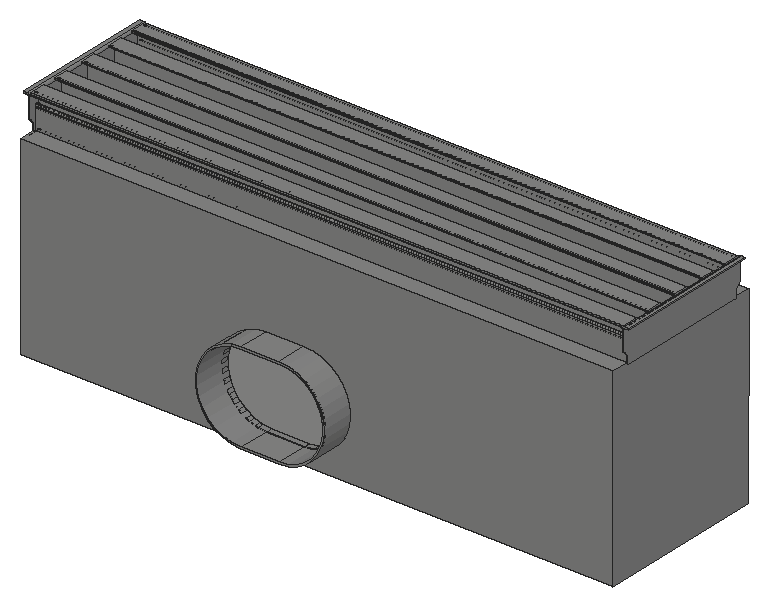
Revit family "Diffuser-Carnes-T_Bar_Mount-4-Slot-DTDA", category Duct Accessories, host Face, Revit 2014
Parameters (values of type "See Type Catalog")
  Type Comments = ""
  Supply Connector = yes
  Supply Connection = "Diffuser Supply Connector"  # constant formula
  Subcatagory = "Air Distribution"  # constant formula
  Specification Sheet = "http://www.carnes.com/AirDistribution/pdf/13100.pdf"
  Revit Object Download Link = "http://library.smartbim.com/download/Diffuser-Carnes-T_Bar_Mount-4-Slot-DTDA"
  Product Page URL = "http://www.carnes.com/AirDistribution/dtda.phtml"
  Length = 24"
  Inlet Nominal Size Width = 5"
  Inlet Nominal Size Height D = if(Inlet Nominal Size Width > 6", 5 1/4", 3 1/2")  # 3 1/2"
  Height = 9 1/16"  # constant formula
  Flow = 0 CFM
  Description = "Extruded Aluminum 4 Slot Diffuser T-Bar Mount"  # constant formula
  Profile Depth = 5.75918"
  URL = "http://www.carnes.com/"
  Model = "DTDA"  # constant formula
  Unit = Metal - Carnes - Steel Galvanized
  Manufacturer = "CARNES COMPANY"  # constant formula
  Depth = 2 3/4"
  Default Elevation = 0"
  D Depth = 6 11/16"
  Catalog = "http://www.carnes.com/AirDistribution/pdf/a462-465.pdf"
  Box Length = Length - 1/2"  # 23 1/2"
  B Radius = Inlet Width + 3"  # 9 1/2"
  Inlet Width = 6 1/2"
  Assembly Code = ""
  Inlet Offset = 10 1/2"
  95 CSI = ""
  04 CSI = ""
Reference planes (in)
  plane 1 "Center (Front/Back)": y = 0
  plane 2: z = 0
  plane 3 "Center (Left/Right)": x = 0.94
  plane 4: z = -1.25
  plane 5: y = 2.87959
  plane 6: y = -2.87959
  plane 7: z = 1.44451
  plane 8: x = -11.06
  plane 9: x = 12.94
  plane 10: z = -8.05549
  plane 11: z = -9.0625
Forms (in)
  Extrusion 1, void
    sketch origin (0.94, 0, 0) x (0, 1, 0) y (0, 0, 1)
      loop
        line (-2.87959, 1.44451) -> (-2.87959, -8.05549) -> (2.87959, -8.05549) -> (2.87959, 1.44451) -> (-2.87959, 1.44451)
    from -12 to 12
Dimensions and locks (in)
  locked: plane 2 to plane 4 at 1.25
  equal spacing: plane 6, plane 1 "Center (Front/Back)", plane 5
  "Profile Depth": plane 6 to plane 5
  locked: plane 7 to host face at 1.44451
  equal spacing: plane 8, plane 3 "Center (Left/Right)", plane 9
  "Length": plane 8 to plane 9
  plane 2 to plane 10 = 8.05549"
  "Height": plane 2 to plane 11
  equal spacing: host sketch curve, plane 1 "Center (Front/Back)", host sketch curve
  equal spacing: host sketch curve, plane 3 "Center (Left/Right)", host sketch curve
  aligned and locked: plane 2 to host face
  aligned and locked: level to host face
  aligned and locked: Extrusion 1 to plane 7
  aligned and locked: Extrusion 1 to plane 10
  aligned and locked: plane 9 to Extrusion 1
  aligned and locked: plane 8 to Extrusion 1
  aligned and locked: Extrusion 1 sketch curve to nested 1  (x2)
  aligned and locked: nested 2 to plane 3 "Center (Left/Right)"
  aligned and locked: plane 1 "Center (Front/Back)" to nested 2
  aligned and locked: plane 1 "Center (Front/Back)" to nested 1
  aligned and locked: nested 1 to plane 3 "Center (Left/Right)"
Automatic sketch dimensions
  Extrusion 1 sketch curve to plane 10 = 0"
  plane 7 to Extrusion 1 sketch curve = 0"
Nested families (in)
  nested 1: "602-1031" at (1.84432, 0, 0.04219) x (-1, 0, 0) z (0, 0, -1), type "Slot 4"
  nested 2: "CXPC" at (1.88, 0, 0.05188) x (-1, 0, 0) z (0, 0, -1), type "Parametric"
Connectors (in)
  hvac at (-0.31, -4.59375, -6.58911), driven by "Inlet Nominal Size Height D", driven by "Inlet Nominal Size Width", driven by "Supply Connector", driven by "Supply Connection"
    settings: on nested 2, index 1, duct flow 0 CFM, flow factor 0, pres drop 0.00 in-wg, loss coef 0, conn angle 0.00°, conn width 5", conn height 3 1/2", conn diameter 24", duct sys type 1, conn prof type 2, flow config 1, flow direction 1, loss method 0, conn ref index -1, conn util yes, is conn primary yes, conn desc "Diffuser Supply Connector"
Definition of nested family "602-1031"
  Parameters (values of type "Slot 4")
    Supply Connector = yes
    Supply Connection = ""
    Subcatagory = ""
    Specification Sheet = ""
    Product Page URL = ""
    Length = 24"
    URL = ""
    Model = "602-1091"  # constant formula
    Unit = Metal - Carnes - Steel Galvanized
    Manufacturer = ""
    Height = 1.44451"
    Flow = 0 CFM
    Description = ""
    Depth = 5.75918"
    Default Elevation = 0"
    Catalog = ""
    Assembly Code = ""
    95 CSI = ""
    04 CSI = ""
  Reference planes (in)
    plane 1 "Center (Front/Back)": y = 0
    plane 2: z = 0
    plane 3 "Center (Left/Right)": x = 0.90432
    plane 4: y = 2.87959
    plane 5: y = -2.87959
    plane 6: x = 12.90432
    plane 7: x = -11.09568
    plane 8: z = 1.44451
  Forms (in)
    Extrusion 1, solid
      sketch origin (0, 0, 0) x (1, 0, 0) y (0, 1, 0)
        loop
          line (-15.06379, 7) -> (-15.06379, -7) -> (16.87243, -7) -> (16.87243, 7) -> (-15.06379, 7)
      from 0 to -1
  Dimensions and locks (in)
    equal spacing: plane 5, plane 1 "Center (Front/Back)", plane 4
    "Depth": plane 5 to plane 4
    equal spacing: plane 6, plane 3 "Center (Left/Right)", plane 7
    "Length": plane 6 to plane 7
    "Height": plane 8 to Extrusion 1
    equal spacing: Extrusion 1 sketch curve, plane 1 "Center (Front/Back)", Extrusion 1 sketch curve
    equal spacing: Extrusion 1 sketch curve, plane 3 "Center (Left/Right)", Extrusion 1 sketch curve
    aligned and locked: plane 2 to Extrusion 1
    aligned and locked: level to Extrusion 1
  Nested families (in)
    nested 1: "Slot-4" at (-0.03568, 0, 0), type "Slot 4"
  Definition of nested family "Slot-4"
    Parameters (values of type "Slot 4")
      Length = 24"
      URL = ""
      Model = "DARD"  # constant formula
      Unit = Metal - Carnes - Steel Galvanized
      Manufacturer = ""
      Height = 1.44451"
      Depth = 5.75918"
      Default Elevation = 0"
      Assembly Code = ""
      95 CSI = ""
      04 CSI = ""
    Reference planes (in)
      plane 1 "Center (Front/Back)": y = 0
      plane 2: z = 0
      plane 3 "Center (Left/Right)": x = 0.94
      plane 4: z = -18
      plane 5: x = -11.06
      plane 6: x = 12.94
      plane 7: y = -2.87959
      plane 8: y = 2.87959
      plane 9: x = 12.69
      plane 10: x = -10.81
      plane 11: z = 1.44451
    Forms (in)
      Extrusion 1, solid
        sketch origin (0, -5, 0) x (1, 0, 0) y (0, 1, 0)
          loop
            line (-11.06, 7.87959) -> (-11.06, 2.12041) -> (12.94, 2.12041) -> (12.94, 7.87959) -> (-11.06, 7.87959)
        from 0 to -1
      Sweep 2, solid, material "Metal - Carnes - Steel Galvanized" <- "Unit"
        path origin (0, 0, 0.00391) x (1, 0, 0) y (0, 0, -1)
          loop
            line (-10.81, -1.43963) -> (12.69, -1.43963)
        profile origin (0.94, 0, 1.44353) x (0, 0, -1) y (0, 1, 0)
          loop
            arc (1.38825, 2.62274) -> (1.38229, 2.60836) -> (1.36791, 2.6024) r 0.02035
            line (1.36791, 2.6024) -> (1.32421, 2.6024) -> (1.32421, 2.55253) -> (1.38825, 2.55253) -> (1.38825, 2.48509) -> (0.83999, 2.48509) -> (0.83999, 2.55253) -> (0.9022, 2.55253) -> (0.9022, 2.58387)
            arc (0.9022, 2.58387) -> (0.89632, 2.59808) -> (0.8821, 2.60397) r 0.0201
            line (0.8821, 2.60397) -> (0.81064, 2.60397)
            arc (0.81064, 2.60397) -> (0.79608, 2.59794) -> (0.79005, 2.58338) r 0.02059
            line (0.79005, 2.58338) -> (0.79005, 2.50819)
            arc (0.79005, 2.50819) -> (0.78333, 2.492) -> (0.76711, 2.48533) r 0.02287
            line (0.76711, 2.48533) -> (0.02924, 2.48533)
            arc (0.02924, 2.48533) -> (0.00787, 2.47648) -> (-0.00098, 2.45511) r 0.03021
            line (-0.00098, 2.45511) -> (-0.00098, 2.3335)
            arc (-0.00098, 2.3335) -> (0.00484, 2.31945) -> (0.01889, 2.31363) r 0.01987
            line (0.01889, 2.31363) -> (0.11927, 2.31363)
            arc (0.11927, 2.31363) -> (0.1337, 2.31961) -> (0.13967, 2.33404) r 0.02041
            line (0.13967, 2.33404) -> (0.13967, 2.38919) -> (0.07783, 2.38919) -> (0.07783, 2.43343) -> (1.35582, 2.43343) -> (1.35582, 2.38528) -> (1.29367, 2.38528) -> (1.29367, 2.3297)
            arc (1.29367, 2.3297) -> (1.29956, 2.31546) -> (1.3138, 2.30957) r 0.02014
            line (1.3138, 2.30957) -> (1.36297, 2.30957)
            arc (1.36297, 2.30957) -> (1.37859, 2.30309) -> (1.38506, 2.28747) r 0.02209
            line (1.38506, 2.28747) -> (1.38506, 2.19896)
            arc (1.38506, 2.19896) -> (1.39145, 2.18354) -> (1.40687, 2.17715) r 0.02181
            line (1.40687, 2.17715) -> (1.44141, 2.17715) -> (1.44141, 2.83059) -> (1.35881, 2.83085)
            arc (1.35881, 2.83085) -> (1.33865, 2.80126) -> (1.36762, 2.78021) r 0.02571
            arc (1.36762, 2.78021) -> (1.38202, 2.77597) -> (1.38825, 2.76231) r 0.01808
            line (1.38825, 2.76231) -> (1.38825, 2.62274)
          loop
            line (0.01889, 1.15738) -> (0.11927, 1.15738)
            arc (0.11927, 1.15738) -> (0.1337, 1.16336) -> (0.13967, 1.17779) r 0.02041
            line (0.13967, 1.17779) -> (0.13967, 1.23294) -> (0.07783, 1.23294) -> (0.07783, 1.27718) -> (1.35582, 1.27718) -> (1.35582, 1.22903) -> (1.29367, 1.22903) -> (1.29367, 1.17345)
            arc (1.29367, 1.17345) -> (1.29956, 1.15921) -> (1.3138, 1.15332) r 0.02014
            line (1.3138, 1.15332) -> (1.36297, 1.15332)
            arc (1.36297, 1.15332) -> (1.37859, 1.14684) -> (1.38506, 1.13122) r 0.02209
            line (1.38506, 1.13122) -> (1.38506, 1.04271)
            arc (1.38506, 1.04271) -> (1.39145, 1.02729) -> (1.40687, 1.0209) r 0.02181
            line (1.40687, 1.0209) -> (1.44141, 1.0209) -> (1.44141, 1.61735) -> (1.40687, 1.61735)
            arc (1.40687, 1.61735) -> (1.39145, 1.61097) -> (1.38506, 1.59554) r 0.02181
            line (1.38506, 1.59554) -> (1.38506, 1.50703)
            arc (1.38506, 1.50703) -> (1.37859, 1.49141) -> (1.36297, 1.48494) r 0.02209
            line (1.36297, 1.48494) -> (1.3138, 1.48494)
            arc (1.3138, 1.48494) -> (1.29956, 1.47904) -> (1.29367, 1.4648) r 0.02014
            line (1.29367, 1.4648) -> (1.29367, 1.40923) -> (1.35582, 1.40923) -> (1.35582, 1.35696) -> (0.07783, 1.35696) -> (0.07783, 1.40532) -> (0.13967, 1.40532) -> (0.13967, 1.46047)
            arc (0.13967, 1.46047) -> (0.1337, 1.4749) -> (0.11927, 1.48087) r 0.02041
            line (0.11927, 1.48087) -> (0.01889, 1.48087)
            arc (0.01889, 1.48087) -> (0.00484, 1.47506) -> (-0.00098, 1.46101) r 0.01987
            line (-0.00098, 1.46101) -> (-0.00098, 1.17725)
            arc (-0.00098, 1.17725) -> (0.00484, 1.1632) -> (0.01889, 1.15738) r 0.01987
          loop
            arc (0.01889, -1.15738) -> (0.00484, -1.1632) -> (-0.00098, -1.17725) r 0.01987
            line (-0.00098, -1.17725) -> (-0.00098, -1.46101)
            arc (-0.00098, -1.46101) -> (0.00484, -1.47506) -> (0.01889, -1.48087) r 0.01987
            line (0.01889, -1.48087) -> (0.11927, -1.48087)
            arc (0.11927, -1.48087) -> (0.1337, -1.4749) -> (0.13967, -1.46047) r 0.02041
            line (0.13967, -1.46047) -> (0.13967, -1.40532) -> (0.07783, -1.40532) -> (0.07783, -1.36108) -> (1.35582, -1.36108) -> (1.35582, -1.40923) -> (1.29367, -1.40923) -> (1.29367, -1.4648)
            arc (1.29367, -1.4648) -> (1.29956, -1.47904) -> (1.3138, -1.48494) r 0.02014
            line (1.3138, -1.48494) -> (1.36297, -1.48494)
            arc (1.36297, -1.48494) -> (1.37859, -1.49141) -> (1.38506, -1.50703) r 0.02209
            line (1.38506, -1.50703) -> (1.38506, -1.59554)
            arc (1.38506, -1.59554) -> (1.39145, -1.61097) -> (1.40687, -1.61735) r 0.02181
            line (1.40687, -1.61735) -> (1.44141, -1.61735) -> (1.44141, -1.0209) -> (1.40687, -1.0209)
            arc (1.40687, -1.0209) -> (1.39145, -1.02729) -> (1.38506, -1.04271) r 0.02181
            line (1.38506, -1.04271) -> (1.38506, -1.13122)
            arc (1.38506, -1.13122) -> (1.37859, -1.14684) -> (1.36297, -1.15332) r 0.02209
            line (1.36297, -1.15332) -> (1.3138, -1.15332)
            arc (1.3138, -1.15332) -> (1.29956, -1.15921) -> (1.29367, -1.17345) r 0.02014
            line (1.29367, -1.17345) -> (1.29367, -1.22903) -> (1.35582, -1.22903) -> (1.35582, -1.2813) -> (0.07783, -1.2813) -> (0.07783, -1.23294) -> (0.13967, -1.23294) -> (0.13967, -1.17779)
            arc (0.13967, -1.17779) -> (0.1337, -1.16336) -> (0.11927, -1.15738) r 0.02041
            line (0.11927, -1.15738) -> (0.01889, -1.15738)
          loop
            arc (0.01889, 0.1738) -> (0.00484, 0.16798) -> (-0.00098, 0.15393) r 0.01987
            line (-0.00098, 0.15393) -> (-0.00098, -0.12983)
            arc (-0.00098, -0.12983) -> (0.00484, -0.14388) -> (0.01889, -0.14969) r 0.01987
            line (0.01889, -0.14969) -> (0.11927, -0.14969)
            arc (0.11927, -0.14969) -> (0.1337, -0.14372) -> (0.13967, -0.12929) r 0.02041
            line (0.13967, -0.12929) -> (0.13967, -0.07414) -> (0.07783, -0.07414) -> (0.07783, -0.0299) -> (1.35582, -0.0299) -> (1.35582, -0.07805) -> (1.29367, -0.07805) -> (1.29367, -0.13362)
            arc (1.29367, -0.13362) -> (1.29956, -0.14786) -> (1.3138, -0.15376) r 0.02014
            line (1.3138, -0.15376) -> (1.36297, -0.15376)
            arc (1.36297, -0.15376) -> (1.37859, -0.16023) -> (1.38506, -0.17586) r 0.02209
            line (1.38506, -0.17586) -> (1.38506, -0.26437)
            arc (1.38506, -0.26437) -> (1.39145, -0.27979) -> (1.40687, -0.28617) r 0.02181
            line (1.40687, -0.28617) -> (1.44141, -0.28617) -> (1.44141, 0.31028) -> (1.40687, 0.31028)
            arc (1.40687, 0.31028) -> (1.39145, 0.30389) -> (1.38506, 0.28847) r 0.02181
            line (1.38506, 0.28847) -> (1.38506, 0.19996)
            arc (1.38506, 0.19996) -> (1.37859, 0.18433) -> (1.36297, 0.17786) r 0.02209
            line (1.36297, 0.17786) -> (1.3138, 0.17786)
            arc (1.3138, 0.17786) -> (1.29956, 0.17197) -> (1.29367, 0.15773) r 0.02014
            line (1.29367, 0.15773) -> (1.29367, 0.10215) -> (1.35582, 0.10215) -> (1.35582, 0.04988) -> (0.07783, 0.04988) -> (0.07783, 0.09824) -> (0.13967, 0.09824) -> (0.13967, 0.15339)
            arc (0.13967, 0.15339) -> (0.1337, 0.16782) -> (0.11927, 0.1738) r 0.02041
            line (0.11927, 0.1738) -> (0.01889, 0.1738)
          loop
            line (1.38825, -2.62274) -> (1.38825, -2.76231)
            arc (1.38825, -2.76231) -> (1.38202, -2.77597) -> (1.36762, -2.78021) r 0.01808
            arc (1.36762, -2.78021) -> (1.33865, -2.80126) -> (1.35881, -2.83085) r 0.02571
            line (1.35881, -2.83085) -> (1.44141, -2.83059) -> (1.44141, -2.17715) -> (1.40687, -2.17715)
            arc (1.40687, -2.17715) -> (1.39145, -2.18354) -> (1.38506, -2.19896) r 0.02181
            line (1.38506, -2.19896) -> (1.38506, -2.28747)
            arc (1.38506, -2.28747) -> (1.37859, -2.30309) -> (1.36297, -2.30957) r 0.02209
            line (1.36297, -2.30957) -> (1.3138, -2.30957)
            arc (1.3138, -2.30957) -> (1.29956, -2.31546) -> (1.29367, -2.3297) r 0.02014
            line (1.29367, -2.3297) -> (1.29367, -2.38528) -> (1.35582, -2.38528) -> (1.35582, -2.43343) -> (0.07783, -2.43343) -> (0.07783, -2.38919) -> (0.13967, -2.38919) -> (0.13967, -2.33404)
            arc (0.13967, -2.33404) -> (0.1337, -2.31961) -> (0.11927, -2.31363) r 0.02041
            line (0.11927, -2.31363) -> (0.01889, -2.31363)
            arc (0.01889, -2.31363) -> (0.00484, -2.31945) -> (-0.00098, -2.3335) r 0.01987
            line (-0.00098, -2.3335) -> (-0.00098, -2.45511)
            arc (-0.00098, -2.45511) -> (0.00787, -2.47648) -> (0.02924, -2.48533) r 0.03021
            line (0.02924, -2.48533) -> (0.76711, -2.48533)
            arc (0.76711, -2.48533) -> (0.78333, -2.492) -> (0.79005, -2.50819) r 0.02287
            line (0.79005, -2.50819) -> (0.79005, -2.58338)
            arc (0.79005, -2.58338) -> (0.79608, -2.59794) -> (0.81064, -2.60397) r 0.02059
            line (0.81064, -2.60397) -> (0.8821, -2.60397)
            arc (0.8821, -2.60397) -> (0.89632, -2.59808) -> (0.9022, -2.58387) r 0.0201
            line (0.9022, -2.58387) -> (0.9022, -2.55253) -> (0.83999, -2.55253) -> (0.83999, -2.48509) -> (1.38825, -2.48509) -> (1.38825, -2.55253) -> (1.32421, -2.55253) -> (1.32421, -2.6024) -> (1.36791, -2.6024)
            arc (1.36791, -2.6024) -> (1.38229, -2.60836) -> (1.38825, -2.62274) r 0.02035
      Sweep 3, solid, material "Metal - Carnes - Steel Galvanized" <- "Unit"
        path origin (0.94, 0, 0) x (0, 1, 0) y (0, 0, 1)
          loop
            line (2.87959, 1.44451) -> (-2.87959, 1.44451)
        profile origin (0.94, 0, 1.44451) x (0, 0, -1) y (1, 0, 0)
          loop
            line (1.33877, -11.75) -> (0, -11.75) -> (0, -11.78983) -> (1.35617, -11.78983)
            arc (1.35617, -11.78983) -> (1.37691, -11.79842) -> (1.3855, -11.81916) r 0.02933
            line (1.3855, -11.81916) -> (1.3855, -12) -> (1.44238, -12) -> (1.44238, -11.85361)
            arc (1.44238, -11.85361) -> (1.41204, -11.78035) -> (1.33877, -11.75) r 0.10361
          loop
            arc (1.33877, 11.75) -> (1.41204, 11.78035) -> (1.44238, 11.85361) r 0.10361
            line (1.44238, 11.85361) -> (1.44238, 12) -> (1.3855, 12) -> (1.3855, 11.81916)
            arc (1.3855, 11.81916) -> (1.37691, 11.79842) -> (1.35617, 11.78983) r 0.02933
            line (1.35617, 11.78983) -> (0, 11.78983) -> (0, 11.75) -> (1.33877, 11.75)
      Extrusion 4, void
        sketch origin (0.94, 0, 0) x (0, 1, 0) y (0, 0, 1)
          loop
            line (2.68645, 1.40306) -> (2.68555, 1.12211)
            arc (2.68555, 1.12211) -> (2.68974, 1.10069) -> (2.7018, 1.08251) r 0.05593
            line (2.7018, 1.08251) -> (2.87959, 0.90357) -> (2.87959, 1.44451) -> (2.64514, 1.44451)
            arc (2.64514, 1.44451) -> (2.6744, 1.43236) -> (2.68645, 1.40306) r 0.04131
          loop
            arc (-2.68645, 1.40306) -> (-2.6744, 1.43236) -> (-2.64514, 1.44451) r 0.04131
            line (-2.64514, 1.44451) -> (-2.87959, 1.44451) -> (-2.87959, 0.90357) -> (-2.7018, 1.08251)
            arc (-2.7018, 1.08251) -> (-2.68974, 1.10069) -> (-2.68555, 1.12211) r 0.05593
            line (-2.68555, 1.12211) -> (-2.68645, 1.40306)
        from -12 to 12
    Cuts and joins
      Extrusion 4 cuts Sweep 3
    Lines and regions (in)
      Masking region 1
        outline origin (0, 0, 0) x (1, 0, 0) y (0, 1, 0)
          loop
            line (12.94, 2.87959) -> (-11.06, 2.87959) -> (-11.06, -2.87959) -> (12.94, -2.87959) -> (12.94, 2.87959)
      symbolic lines, style "Diffuser"
        curve 1: line (-10.84983, 2.83085, 0) -> (-10.84983, -2.83085, 0)
        curve 2: line (-10.81, 2.87959, 0) -> (-10.81, -2.83085, 0)
        curve 3: line (12.72983, 2.87959, 0) -> (12.72983, -2.83085, 0)
        curve 4: line (12.69, 2.83085, 0) -> (12.69, -2.87959, 0)
        curve 5: line (12.69, -2.17625, 0) -> (-10.81, -2.17625, 0)
        curve 6: line (12.69, -1.02, 0) -> (-10.81, -1.02, 0)
        curve 7: line (-10.81, -1.61645, 0) -> (12.69, -1.61645, 0)
        curve 8: line (12.69, -0.28617, 0) -> (-10.81, -0.28617, 0)
        curve 9: line (12.69, 2.17715, 0) -> (-10.81, 2.17715, 0)
        curve 10: line (12.69, 1.0209, 0) -> (-10.81, 1.0209, 0)
        curve 11: line (-10.81, 1.61735, 0) -> (12.69, 1.61735, 0)
        curve 12: line (12.69, 0.30961, 0) -> (-10.81, 0.30961, 0)
        curve 13: line (-10.84983, 2.83085, 0) -> (12.69, 2.83085, 0)
        curve 14: line (-10.84983, -2.83085, 0) -> (12.72983, -2.83085, 0)
    Dimensions and locks (in)
      locked: plane 2 to plane 4 at 18
      equal spacing: plane 5, plane 3 "Center (Left/Right)", plane 6
      "Length": plane 5 to plane 6
      equal spacing: plane 8, plane 1 "Center (Front/Back)", plane 7
      "Depth": plane 8 to plane 7
      locked: plane 9 to plane 6 at 0.25
      locked: plane 5 to plane 10 at 0.25
      "Height": plane 11 to Extrusion 1
      aligned and locked: plane 2 to Extrusion 1
      aligned and locked: level to Extrusion 1
      aligned and locked: plane 10 to Sweep 2 sketch curve
      aligned and locked: plane 9 to Sweep 2 sketch curve
      aligned and locked: Sweep 3 sketch curve to plane 10
      aligned and locked: Sweep 3 sketch curve to plane 9
      aligned and locked: plane 6 to Extrusion 4
      aligned and locked: plane 5 to Extrusion 4
    Automatic sketch dimensions
      Extrusion 1 sketch curve to Extrusion 1 sketch curve = 24"
      Extrusion 1 sketch curve to Extrusion 1 sketch curve = 5.75918"
      plane 11 to Sweep 2 sketch curve = 0.00098"
      Sweep 3 sketch curve to plane 7 = 0"
      Sweep 3 sketch curve to plane 8 = 0"
      plane 11 to Sweep 3 sketch curve = 0"
      Sweep 3 sketch curve to profile plane = 0"  (x2)
      Sweep 3 sketch curve to Sweep 3 sketch curve = 1.33877"  (x2)
      Sweep 3 sketch curve to Sweep 3 sketch curve = 0.0174"  (x2)
      Sweep 3 sketch curve to Sweep 3 sketch curve = 0.02933"  (x2)
      Sweep 3 sketch curve to Sweep 3 sketch curve = 0.05689"  (x2)
      Sweep 3 sketch curve to Sweep 3 sketch curve = 0.14639"  (x2)
      Sweep 3 sketch curve to Sweep 3 sketch curve = 0.03445"
      Sweep 3 sketch curve to Sweep 3 sketch curve = 0.03983"
      Extrusion 4 sketch curve to plane 7 = 0"
      plane 11 to Extrusion 4 sketch curve = 0"  (x2)
      Extrusion 4 sketch curve to plane 8 = 0"
      plane 7 to Extrusion 4 sketch curve = 0.13811"
      Extrusion 4 sketch curve to Extrusion 4 sketch curve = 0.03967"
      plane 11 to Extrusion 4 sketch curve = 0.04144"  (x2)
      plane 7 to Extrusion 4 sketch curve = 0.19314"
      Extrusion 4 sketch curve to Extrusion 4 sketch curve = 0.01625"  (x2)
      Extrusion 4 sketch curve to Extrusion 4 sketch curve = 0.04131"  (x2)
      Extrusion 4 sketch curve to Extrusion 4 sketch curve = 0.23445"
      plane 8 to Extrusion 4 sketch curve = 0.19404"
      Extrusion 4 sketch curve to Extrusion 4 sketch curve = 0.05593"
      Extrusion 4 sketch curve to Extrusion 4 sketch curve = 0.28096"  (x2)
      Extrusion 4 sketch curve to Extrusion 4 sketch curve = 0.00018"  (x2)
      Extrusion 4 sketch curve to Extrusion 4 sketch curve = 0.17894"  (x2)
      Sweep 2 sketch curve to Sweep 2 sketch curve = 0.01808"
      Sweep 2 sketch curve to Sweep 2 sketch curve = 0.02209"  (x8)
      Sweep 2 sketch curve to Sweep 2 sketch curve = 0.00517"  (x2)
      Sweep 2 sketch curve to Sweep 2 sketch curve = 0.0437"  (x2)
      Sweep 2 sketch curve to Sweep 2 sketch curve = 0.04916"  (x8)
      Sweep 2 sketch curve to Sweep 2 sketch curve = 0.02014"  (x8)
      Sweep 2 sketch curve to Sweep 2 sketch curve = 0.422"  (x2)
      Sweep 2 sketch curve to Sweep 2 sketch curve = 0.0201"  (x2)
      Sweep 2 sketch curve to Sweep 2 sketch curve = 0.04212"
      Sweep 2 sketch curve to Sweep 2 sketch curve = 0.06222"
      Sweep 2 sketch curve to Sweep 2 sketch curve = 0.02934"  (x2)
      Sweep 2 sketch curve to Sweep 2 sketch curve = 0.02059"
      Sweep 2 sketch curve to Sweep 2 sketch curve = 0.04994"
      Sweep 2 sketch curve to Sweep 2 sketch curve = 0.02287"  (x2)
      Sweep 2 sketch curve to Sweep 2 sketch curve = 0.00007"  (x2)
      Sweep 2 sketch curve to profile plane = 0.13967"  (x8)
      Sweep 2 sketch curve to Sweep 2 sketch curve = 0.02041"  (x8)
      Sweep 2 sketch curve to profile plane = 0.07783"  (x2)
      Sweep 2 sketch curve to Sweep 2 sketch curve = 0.06185"  (x6)
      Sweep 2 sketch curve to profile plane = 0.0299"
      Sweep 2 sketch curve to profile plane = 0.02924"  (x2)
      Sweep 2 sketch curve to profile plane = 0.01889"  (x8)
      profile plane to Sweep 2 sketch curve = 0.00098"  (x5)
      Sweep 2 sketch curve to Sweep 2 sketch curve = 0.03454"  (x4)
      Sweep 2 sketch curve to Sweep 2 sketch curve = 0.04424"  (x4)
      Sweep 2 sketch curve to Sweep 2 sketch curve = 0.04815"  (x3)
      Sweep 2 sketch curve to Sweep 2 sketch curve = 0.05515"  (x8)
      Sweep 2 sketch curve to Sweep 2 sketch curve = 0.05558"  (x8)
      Sweep 2 sketch curve to Sweep 2 sketch curve = 0.08851"  (x8)
      Sweep 2 sketch curve to Sweep 2 sketch curve = 0.73473"
      Sweep 2 sketch curve to Sweep 2 sketch curve = 1.00769"
      Sweep 2 sketch curve to Sweep 2 sketch curve = 0.04836"  (x3)
      Sweep 2 sketch curve to Sweep 2 sketch curve = 0.07978"  (x2)
      Sweep 2 sketch curve to Sweep 2 sketch curve = 0.5598"  (x2)
      Sweep 2 sketch curve to Sweep 2 sketch curve = 0.83276"  (x2)
      Sweep 2 sketch curve to Sweep 2 sketch curve = 0.02168"  (x2)
      Sweep 2 sketch curve to Sweep 2 sketch curve = 0.0231"  (x2)
      Sweep 2 sketch curve to Sweep 2 sketch curve = 0.06744"  (x4)
      Sweep 2 sketch curve to Sweep 2 sketch curve = 0.03084"  (x2)
      Sweep 2 sketch curve to Sweep 2 sketch curve = 0.04986"  (x2)
      Sweep 2 sketch curve to Sweep 2 sketch curve = 0.13957"  (x2)
      Sweep 2 sketch curve to Sweep 2 sketch curve = 0.04336"  (x2)
      Sweep 2 sketch curve to Sweep 2 sketch curve = 0.02492"  (x2)
      Sweep 2 sketch curve to Sweep 2 sketch curve = 0.02519"  (x2)
      profile plane to Sweep 2 sketch curve = 0.04988"
      Sweep 2 sketch curve to Sweep 2 sketch curve = 0.05227"  (x2)
      Sweep 2 sketch curve to Sweep 2 sketch curve = 0.71063"
      Sweep 2 sketch curve to Sweep 2 sketch curve = 0.98358"
      Sweep 2 sketch curve to Sweep 2 sketch curve = 0.62744"  (x2)
      Sweep 2 sketch curve to Sweep 2 sketch curve = 1.15399"
      Sweep 2 sketch curve to Sweep 2 sketch curve = 0.03054"  (x2)
      Sweep 2 sketch curve to Sweep 2 sketch curve = 0.0914"  (x2)
      Sweep 2 sketch curve to Sweep 2 sketch curve = 0"  (x5)
      Sweep 2 sketch curve to Sweep 2 sketch curve = 0.06216"  (x6)
      Sweep 2 sketch curve to Sweep 2 sketch curve = 0.03461"
      Sweep 2 sketch curve to Sweep 2 sketch curve = 0.00909"
      Sweep 2 sketch curve to Sweep 2 sketch curve = 0.00619"  (x2)
      Sweep 2 sketch curve to Sweep 2 sketch curve = 0.03243"  (x2)
      Sweep 2 sketch curve to Sweep 2 sketch curve = 0.02035"
      Sweep 2 sketch curve to Sweep 2 sketch curve = 0.02181"  (x8)
      Sweep 2 sketch curve to Sweep 2 sketch curve = 0.07742"
      Masking region 1 sketch curve to plane 5 = 0"
      Masking region 1 sketch curve to plane 6 = 0"
      Masking region 1 sketch curve to plane 7 = 0"
      plane 8 to Masking region 1 sketch curve = 0"
      curve 2 to plane 10 = 0"
      curve 8 to plane 9 = 0"
      plane 8 to curve 3 = 0"
      curve 4 to plane 7 = 0"
      plane 8 to curve 2 = 0"
      plane 10 to curve 1 = 0.03983"
      curve 14 to plane 9 = 0.03983"
      plane 7 to curve 14 = 0.04874"
      plane 8 to curve 13 = 0.04874"
      curve 5 to curve 7 = 0.5598"
      plane 1 "Center (Front/Back)" to curve 8 = 0.28617"
      curve 12 to curve 10 = 0.71129"
      curve 11 to curve 9 = 0.5598"
      curve 10 to curve 11 = 0.59645"
      curve 12 to plane 1 "Center (Front/Back)" = 0.30961"
      curve 7 to curve 6 = 0.59645"
      curve 3 to curve 5 = 0.65461"
Definition of nested family "CXPC"
  Parameters (values of type "Parametric")
    Slot Width = 5 27/128"
    Inlet Nominal Size Width = 5"
    Inlet Nominal Size Height D = if(Inlet Nominal Size Width > 6", 5 1/4", 3 1/2")  # 3 1/2"
    Half Inlet Width = Inlet Nominal Size Width / 2  # 2 1/2"
    Length = 23 1/2"
    Depth = 6 11/16"
    Height = 9 1/16"  # constant formula
    URL = "http://www.carnes.com/"
    Model = "DGAA"  # constant formula
    Unit = Metal - Carnes - Steel Galvanized
    Manufacturer = ""
    Default Elevation = 0"
    B Radius = B + 3"  # 9 1/2"
    B = 6 1/2"
    Assembly Code = ""
    A = 10 1/2"
    95 CSI = ""
    04 CSI = ""
  Reference planes (in)
    plane 1 "Center (Front/Back)": y = 0
    plane 2: z = 0
    plane 3 "Center (Left/Right)": x = 0.94
    plane 4: x = -10.81
    plane 5: x = 12.69
    plane 6: z = 9.0625
    plane 7: z = 8.5625
    plane 8: z = 6.5
    plane 9: x = -10.7475
    plane 10: x = 12.6275
    plane 11: z = -18
    plane 12: y = 3.34375
    plane 13: y = 3.09375
    plane 14: y = -3.34375
    plane 15: y = -3.09375
    plane 16: y = -4.59375
    plane 17: x = 2.19
    plane 18: z = 0.84375
    plane 19: y = -2.60547
    plane 20: y = 2.60547
    plane 21: z = 8.39099
    plane 22: z = 4.89099
  Forms (in)
    Extrusion 1, solid
      sketch origin (0, 0, 0) x (1, 0, 0) y (0, 1, 0)
        loop
          line (-13.81, 6) -> (-13.81, -6) -> (15.69, -6) -> (15.69, 6) -> (-13.81, 6)
      from 0 to -1
    Extrusion 2, solid, material "Metal - Carnes - Steel Galvanized" <- "Unit"
      sketch origin (0, 0, 0) x (1, 0, 0) y (0, 0, 1)
        loop
          line (-10.81, 9.0625) -> (-10.81, 8.5625) -> (12.69, 8.5625) -> (12.69, 9.0625) -> (-10.81, 9.0625)
      from -3.09375 to 3.09375
    Extrusion 3, solid, material "Metal - Carnes - Steel Galvanized" <- "Unit"
      sketch origin (0, 0, 0) x (1, 0, 0) y (0, 1, 0)
        loop
          line (-10.81, 3.34375) -> (-10.81, 3.09375) -> (12.69, 3.09375) -> (12.69, 3.34375) -> (-10.81, 3.34375)
        loop
          line (-10.81, -3.09375) -> (-10.81, -3.34375) -> (12.69, -3.34375) -> (12.69, -3.09375) -> (-10.81, -3.09375)
      from 1.4375 to 9.0625
    Sweep 4, solid, material "Metal - Carnes - Steel Galvanized" <- "Unit"
      path in 3D
        loop
          line (-10.81, -3.09375, 1.4375) -> (12.69, -3.09375, 1.4375)
      profile origin (0.94, -3.09375, 1.4375) x (0, -1, 0) y (0, 0, -1)
        loop
          line (-5.69922, 0) -> (-5.69922, 0.89784)
          arc (-5.69922, 0.89784) -> (-5.66851, 0.92855) -> (-5.6378, 0.89784) r 0.03071
          line (-5.6378, 0.89784) -> (-5.6378, 0.83461) -> (-5.60655, 0.83461) -> (-5.60655, 0.89765)
          arc (-5.60655, 0.89765) -> (-5.66852, 0.95963) -> (-5.7305, 0.89765) r 0.06198
          line (-5.7305, 0.89765) -> (-5.7305, 0.03125) -> (-6.4375, 0.03125) -> (-6.4375, 0) -> (-5.69922, 0)
        loop
          line (-0.48828, 0) -> (0.25, 0) -> (0.25, 0.03125) -> (-0.457, 0.03125) -> (-0.457, 0.89765)
          arc (-0.457, 0.89765) -> (-0.51898, 0.95963) -> (-0.58095, 0.89765) r 0.06198
          line (-0.58095, 0.89765) -> (-0.58095, 0.83461) -> (-0.5497, 0.83461) -> (-0.5497, 0.89784)
          arc (-0.5497, 0.89784) -> (-0.51899, 0.92855) -> (-0.48828, 0.89784) r 0.03071
          line (-0.48828, 0.89784) -> (-0.48828, 0)
    Extrusion 5, solid, material "Metal - Carnes - Steel Galvanized" <- "Unit"
      sketch origin (12.69, 0, 9.0625) x (0, 0, -1) y (0, 1, 0)
        loop
          line (0, -3.34375) -> (7.625, -3.34375) -> (7.625, 3.34375) -> (0, 3.34375) -> (0, -3.34375)
      from -0.0625 to 0
    Extrusion 6, solid, material "Metal - Carnes - Steel Galvanized" <- "Unit"
      sketch origin (-10.81, 0, 9.0625) x (0, 0, -1) y (0, -1, 0)
        loop
          line (0, 3.34375) -> (0, -3.34375) -> (7.625, -3.34375) -> (7.625, 3.34375) -> (0, 3.34375)
      from -0.0625 to 0
    Extrusion 7, void
      sketch origin (0, 0, 0) x (1, 0, 0) y (0, 0, 1)
        loop
          arc (1.44, 8.39099) -> (-0.31, 6.64099) -> (1.44, 4.89099) r 1.75
          line (1.44, 4.89099) -> (2.94, 4.89099)
          arc (2.94, 4.89099) -> (4.69, 6.64099) -> (2.94, 8.39099) r 1.75
          line (2.94, 8.39099) -> (1.44, 8.39099)
      from 3.34375 to 1.34378
    Extrusion 8, solid, material "Metal - Carnes - Steel Galvanized" <- "Unit"
      sketch origin (-11.06, -0.875, 0) x (1, 0, 0) y (0, 0, 1)
        loop
          arc (12.5, 8.39099) -> (10.75, 6.64099) -> (12.5, 4.89099) r 1.75
          line (12.5, 4.89099) -> (14, 4.89099)
          arc (14, 4.89099) -> (15.75, 6.64099) -> (14, 8.39099) r 1.75
          line (14, 8.39099) -> (12.5, 8.39099)
        loop
          arc (12.5, 8.45349) -> (10.6875, 6.64099) -> (12.5, 4.82849) r 1.8125
          line (12.5, 4.82849) -> (14, 4.82849)
          arc (14, 4.82849) -> (15.8125, 6.64099) -> (14, 8.45349) r 1.8125
          line (14, 8.45349) -> (12.5, 8.45349)
      from 2.21875 to 3.71875
  Cuts and joins
    Extrusion 7 cuts Extrusion 2
    Extrusion 7 cuts Extrusion 3
    Extrusion 7 cuts Sweep 4
    Extrusion 7 cuts Extrusion 5
    Extrusion 7 cuts Extrusion 6
    joined: Extrusion 2, Extrusion 3, Sweep 4, Extrusion 5, Extrusion 6
  Lines and regions (in)
    Masking region 1
      outline origin (0, 0, 0) x (1, 0, 0) y (0, 1, 0)
        loop
          line (-0.31, -4.59375) -> (4.69, -4.59375) -> (4.69, -3.34375) -> (-0.31, -3.34375) -> (-0.31, -4.59375)
    Masking region 2
      outline origin (0, 0, 0) x (1, 0, 0) y (0, 1, 0)
        loop
          line (-10.81, 3.34375) -> (-10.81, -3.34375) -> (12.69, -3.34375) -> (12.69, 3.34375) -> (-10.81, 3.34375)
    sketch lines
      curve 1: line (-10.81, -3.09375, 1.4375) -> (12.69, -3.09375, 1.4375)
  Dimensions and locks (in)
    equal spacing: plane 4, plane 3 "Center (Left/Right)", plane 5
    "Length": plane 4 to plane 5
    "Height": plane 6 to plane 2
    locked: plane 6 to plane 7 at 0.5
    level to plane 11 = 18"
    plane 6 to Extrusion 1 = 9 1/16"
    plane 8 to Extrusion 1 = 6 1/2"
    locked: plane 16 to plane 14 at 1.25
    "Depth": plane 12 to plane 14
    locked: plane 15 to plane 14 at 0.25
    locked: plane 12 to plane 13 at 0.25
    equal spacing: plane 12, plane 1 "Center (Front/Back)", plane 14
    locked: plane 10 to plane 5 at 0.0625
    locked: plane 9 to plane 4 at 0.0625
    "B": plane 8 to plane 2
    "A": plane 17 to plane 5
    locked: plane 18 to plane 2 at 0.84375
    Sweep 4 sketch curve to plane 18 to Sweep 4 sketch curve to Sweep 4 sketch curve to Sweep 4 sketch curve = 9/16" locked, 0.24086" locked, 0.09394" locked, 0.03107" locked  (x2)
    Sweep 4 sketch curve to Sweep 4 sketch curve to plane 19 to Sweep 4 sketch curve = 1/32" locked, 0.06142" locked, 0.03128" locked
    Sweep 4 sketch curve to plane 20 to Sweep 4 sketch curve to Sweep 4 sketch curve = 0.03128" locked, 0.06142" locked, 1/32" locked
    equal spacing: plane 20, plane 1 "Center (Front/Back)", plane 19
    "Slot Width": plane 20 to plane 19
    "Half Inlet Width": plane 17 to Extrusion 8 sketch curve
    "Half Inlet Width": Extrusion 8 sketch curve to plane 17
    "Inlet Nominal Size Height D": plane 21 to plane 22
    equal spacing: Extrusion 1 sketch curve, plane 3 "Center (Left/Right)", Extrusion 1 sketch curve
    equal spacing: Extrusion 1 sketch curve, plane 1 "Center (Front/Back)", Extrusion 1 sketch curve
    equal spacing: Masking region 1 sketch curve, plane 17, Masking region 1 sketch curve
    "Inlet Nominal Size Width": Masking region 1 sketch curve to Masking region 1 sketch curve
    aligned and locked: plane 2 to Extrusion 1
    aligned and locked: level to Extrusion 1
    aligned and locked: Extrusion 2 sketch curve to plane 6
    aligned and locked: Extrusion 2 sketch curve to plane 7
    aligned and locked: Extrusion 2 sketch curve to plane 4
    aligned and locked: plane 5 to Extrusion 2 sketch curve
    aligned and locked: Extrusion 3 sketch curve to plane 12
    aligned and locked: Extrusion 3 sketch curve to plane 13
    aligned and locked: plane 15 to Extrusion 3 sketch curve
    aligned and locked: plane 14 to Extrusion 3 sketch curve
    aligned and locked: Extrusion 3 sketch curve to plane 4
    aligned and locked: plane 5 to Extrusion 3 sketch curve
    aligned and locked: plane 6 to Extrusion 3
    aligned and locked: Extrusion 2 to Extrusion 3  (x2)
    aligned and locked: plane 10 to Extrusion 5
    aligned and locked: Extrusion 5 to plane 5
    aligned and locked: Extrusion 6 sketch curve to cut or joined group of Extrusion 2, Extrusion 3, Sweep 4, Extrusion 5, Extrusion 6, Extrusion 7  (x2)
    aligned and locked: cut or joined group of Extrusion 2, Extrusion 3, Sweep 4, Extrusion 5, Extrusion 6, Extrusion 7 to Extrusion 6 sketch curve
    aligned and locked: plane 9 to Extrusion 6
    aligned and locked: Extrusion 6 to plane 4
    aligned and locked: plane 5 to cut or joined group of Extrusion 2, Extrusion 3, Sweep 4, Extrusion 5, Extrusion 6, Extrusion 7
    aligned and locked: Extrusion 7 to plane 14
    aligned and locked: Extrusion 6 to Extrusion 3
    aligned and locked: cut or joined group of Extrusion 2, Extrusion 3, Sweep 4, Extrusion 5, Extrusion 6, Extrusion 7 to cut or joined group of Extrusion 2, Extrusion 3, Sweep 4, Extrusion 5, Extrusion 6, Extrusion 7
    aligned and locked: plane 12 to Sweep 4 sketch curve
    aligned and locked: Sweep 4 sketch curve to plane 14
    aligned and locked: plane 19 to Sweep 4 sketch curve
    aligned and locked: Sweep 4 sketch curve to plane 20
    aligned and locked: Extrusion 8 to plane 16
    aligned and locked: cut or joined group of Extrusion 2, Extrusion 3, Sweep 4, Extrusion 5, Extrusion 6, Extrusion 7 to Extrusion 8
    aligned and locked: Extrusion 7 sketch curve to Extrusion 8  (x2)
    aligned and locked: Extrusion 8 sketch curve to plane 21
    aligned and locked: plane 22 to Extrusion 8 sketch curve
    aligned and locked: Masking region 1 sketch curve to plane 16
    aligned and locked: Masking region 1 sketch curve to plane 14
    aligned and locked: Masking region 2 sketch curve to plane 4
    aligned and locked: Masking region 2 sketch curve to plane 12
    aligned and locked: plane 14 to Masking region 2 sketch curve
    aligned and locked: plane 5 to Masking region 2 sketch curve
  Automatic sketch dimensions
    Extrusion 3 sketch curve to plane 4 = 0"
    Extrusion 3 sketch curve to plane 5 = 0"
    Extrusion 2 to Extrusion 5 sketch curve = 0"
    Extrusion 5 sketch curve to Extrusion 2 = 1/4"  (x2)
    Extrusion 5 sketch curve to Extrusion 2 = 7 1/8"
    Extrusion 2 to Extrusion 6 sketch curve = 7 1/8"
    Masking region 2 sketch curve to plane 4 = 0"
    profile plane to Sweep 4 sketch curve = 0"  (x2)
    Extrusion 8 sketch curve to Extrusion 8 sketch curve = 0"  (x3)
    Extrusion 8 sketch curve to Extrusion 8 sketch curve = 1/16"
Types in the file's own list only (36): name | Length | Inlet Nominal Size Width | Inlet Nominal Size Height D | Profile Depth | Box Length | Inlet Offset
  DTDA 24 x 5In | 24" | 5" | 3 1/2" | 5 97/128" | 23 1/2" | 10 1/2"
  DTDA 24 x 6IN | 24" | 6" | 3 1/2" | 5 97/128" | 23 1/2" | 10 1/2"
  DTDA 24 x 7IN | 24" | 7" | 5 1/4" | 5 97/128" | 23 1/2" | 10 1/2"
  DTDA 24 x 8IN | 24" | 8" | 5 1/4" | 5 97/128" | 23 1/2" | 10 1/2"
  DTDA 24 x 10IN | 24" | 10" | 5 1/4" | 5 97/128" | 23 1/2" | 10 1/2"
  DTDA 24 x 12IN | 24" | 12" | 5 1/4" | 5 97/128" | 23 1/2" | 10 1/2"
  DTDA 30 x 5In | 30" | 5" | 3 1/2" | 5 97/128" | 29 1/2" | 14 1/2"
  DTDA 30 x 6IN | 30" | 6" | 3 1/2" | 5 97/128" | 29 1/2" | 14 1/2"
  DTDA 30 x 7IN | 30" | 7" | 5 1/4" | 5 97/128" | 29 1/2" | 14 1/2"
  DTDA 30 x 8IN | 30" | 8" | 5 1/4" | 5 97/128" | 29 1/2" | 14 1/2"
  DTDA 30 x 10IN | 30" | 10" | 5 1/4" | 5 97/128" | 29 1/2" | 14 1/2"
  DTDA 30 x 12IN | 30" | 12" | 5 1/4" | 5 97/128" | 29 1/2" | 14 1/2"
  DTDA 36 x 5In | 36" | 5" | 3 1/2" | 5 97/128" | 35 1/2" | 17 1/2"
  DTDA 36 x 6IN | 36" | 6" | 3 1/2" | 5 97/128" | 35 1/2" | 17 1/2"
  DTDA 36 x 7IN | 36" | 7" | 5 1/4" | 5 97/128" | 35 1/2" | 17 1/2"
  DTDA 36 x 8IN | 36" | 8" | 5 1/4" | 5 97/128" | 35 1/2" | 17 1/2"
  DTDA 36 x 10IN | 36" | 10" | 5 1/4" | 5 97/128" | 35 1/2" | 17 1/2"
  DTDA 36 x 12IN | 36" | 12" | 5 1/4" | 5 97/128" | 35 1/2" | 17 1/2"
  DTDA 48 x 5In | 48" | 5" | 3 1/2" | 5 97/128" | 47 1/2" | 23 1/2"
  DTDA 48 x 6IN | 48" | 6" | 3 1/2" | 5 97/128" | 47 1/2" | 23 1/2"
  DTDA 48 x 7IN | 48" | 7" | 5 1/4" | 5 97/128" | 47 1/2" | 23 1/2"
  DTDA 48 x 8IN | 48" | 8" | 5 1/4" | 5 97/128" | 47 1/2" | 23 1/2"
  DTDA 48 x 10IN | 48" | 10" | 5 1/4" | 5 97/128" | 47 1/2" | 23 1/2"
  DTDA 48 x 12IN | 48" | 12" | 5 1/4" | 5 97/128" | 47 1/2" | 23 1/2"
  DTDA 60 x 5In | 60" | 5" | 3 1/2" | 5 97/128" | 59 1/2" | 29 1/2"
  DTDA 60 x 6IN | 60" | 6" | 3 1/2" | 5 97/128" | 59 1/2" | 29 1/2"
  DTDA 60 x 7IN | 60" | 7" | 5 1/4" | 5 97/128" | 59 1/2" | 29 1/2"
  DTDA 60 x 8IN | 60" | 8" | 5 1/4" | 5 97/128" | 59 1/2" | 29 1/2"
  DTDA 60 x 10IN | 60" | 10" | 5 1/4" | 5 97/128" | 59 1/2" | 29 1/2"
  DTDA 60 x 12IN | 60" | 12" | 5 1/4" | 5 97/128" | 59 1/2" | 29 1/2"
  DTDA 72 x 5In | 72" | 5" | 3 1/2" | 5 97/128" | 71 1/2" | 35 1/2"
  DTDA 72 x 6IN | 72" | 6" | 3 1/2" | 5 97/128" | 71 1/2" | 35 1/2"
  DTDA 72 x 7IN | 72" | 7" | 5 1/4" | 5 97/128" | 71 1/2" | 35 1/2"
  DTDA 72 x 8IN | 72" | 8" | 5 1/4" | 5 97/128" | 71 1/2" | 35 1/2"
  DTDA 72 x 10IN | 72" | 10" | 5 1/4" | 5 97/128" | 71 1/2" | 35 1/2"
  DTDA 72 x 12IN | 72" | 12" | 5 1/4" | 5 97/128" | 71 1/2" | 35 1/2"
